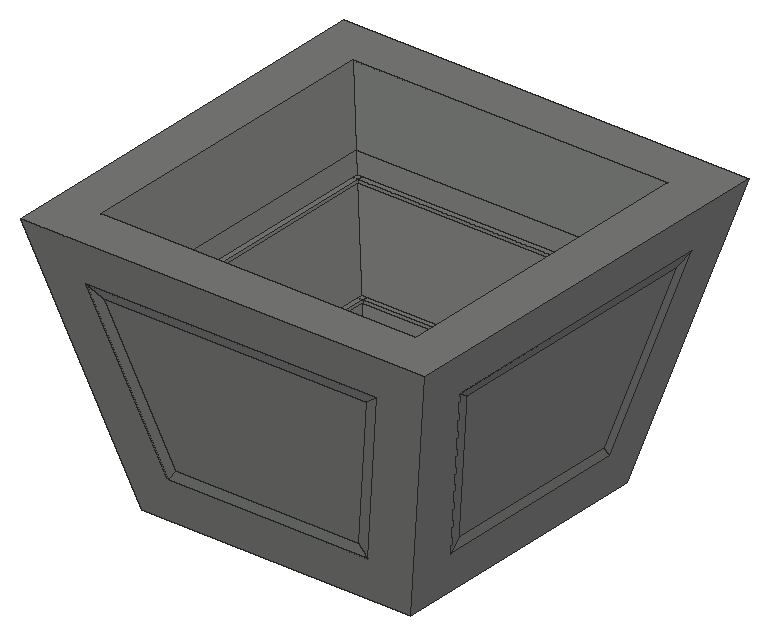
Revit family "Specialty_Equipment-Planter-Planters_Unlimited-Ashville-Tapered-Square-Rectangular", category Specialty Equipment, Revit 2023
Family settings
  Round Connector Dimension = Use Diameter
  Part Type = Normal
  OmniClass Number = 23.40.05.21.17
  OmniClass Title = Planters
  Work Plane-Based = No
  Enable Cutting in Views = Yes
  Always vertical = Yes
  Cut with Voids When Loaded = No
  Maintain Annotation Orientation = No
  Shared = No
  Room Calculation Point = No
Parameters (values of type "Default - Load Type Catalog")
  CD_Opening Offset Width Top = CD_Width / 25  # 0.72"
  CD_Opening Offset Length Top = CD_Length / 25  # 0.72"
  CD_Opening Offset Width Bottom = CD_Width / 28  # 0.64286"
  CD_Opening Offset Length Bottom = CD_Length / 28  # 0.64286"
  Square Planter = not(Rectangle Planter)  # yes
  Rectangle Planter = if(CD_Length / CD_Width = 1, 1 = 0, 1 = 1)  # no
  CD_Width Min = 18"
  CD_Width Max = 48"
  CD_Width = if(CD_Requested Width < CD_Width Min, CD_Width Min, if(CD_Requested Width > CD_Width Max, CD_Width Max, CD_Requested Width))  # 18"
  CD_Stiffener Bottom Width = CD_Width / 1.3  # 13.84615"
  CD_Stiffener Bottom Length = CD_Length / 1.3  # 13.84615"
  CD_Stiffener Top Width = CD_Width / 1.16  # 15.51724"
  CD_Stiffener Top Length = CD_Length / 1.16  # 15.51724"
  CD_Requested Width Bottom = CD_Width / 1.5  # 12"
  CD_Requested Width = 18"
  URL = "https://www.plantersunlimited.com"
  Type Comments = "Rectangular/Square Tapered Planter"  # constant formula
  Model = "Ashville Series Planters"  # constant formula
  Material = Plastic-Fiberglass-Carlsbad-Semi_Gloss-Charcoal
  Manufacturer = "Planters Unlimited"  # constant formula
  CD_Requested Length Bottom = CD_Length / 1.5  # 12"
  CD_Requested Length = 18"
  CD_Requested Height = 12"
  Description = "Modular Planting Bed"  # constant formula
  Default Elevation = 0"
  CD_Specification = ""
  CD_Product Page URL = "https://www.plantersunlimited.com/outdoor-square-planters/"
  CD_Product Name = "Ashville Planter"  # constant formula
  CD_Offset = 3"
  CD_Microsite = ""
  CD_Length Min = 18"
  CD_Length Max = 72"
  CD_Length = if(CD_Requested Length < CD_Length Min, CD_Length Min, if(CD_Requested Length > CD_Length Max, CD_Length Max, CD_Requested Length))  # 18"
  CD_Height Min = 12"
  CD_Height Max = 48"
  CD_Height = if(CD_Requested Height < CD_Height Min, CD_Height Min, if(CD_Requested Height > CD_Height Max, CD_Height Max, CD_Requested Height))  # 12"
  Assembly Code = "G2050600"
Reference planes (in)
  plane 1 "Center (Front/Back)": y = 0
  plane 2 "Bottom": z = 3
  plane 3 "Center (Left/Right)": x = 0
  plane 4 "Back": y = 9
  plane 5 "Front": y = -9
  plane 6 "Left": x = -9
  plane 7 "Right": x = 9
  plane 8 "Top": z = 15
  plane 9 "Top of Pads": z = 3.125
  plane 10: z = 0
  plane 11 "Back Bottom": y = 6
  plane 12 "Front Bottom": y = -6
  plane 13 "Left Bottom": x = -6
  plane 14 "Right Bottom": x = 6
  plane 15 "Top Opening Left": x = -7.25
  plane 16 "Top Opening Right": x = 7.25
  plane 17 "Top Opening Back": y = 7.25
  plane 18 "Top Opening Front": y = -7.25
  plane 19 "Bottom Opening": z = 5.125
  plane 20 "Trim Left": x = -7
  plane 21 "Trim Right": x = 7
  plane 22 "Trim Back": y = 7
  plane 23 "Trim Front": y = -7
  plane 24 "Trim Depth": z = 12
  plane 25 "Stiffener Top": z = 11
  plane 26 "Stiffener Bottom": z = 7
  plane 27 "Left Bottom Opening": x = -4.65084
  plane 28 "Right Bottom Opening": x = 4.65084
  plane 29 "Back Bottom Opening": y = 4.65234
  plane 30 "Front Bottom Opening": y = -4.65234
  plane 31 "Left Stiffener": x = -7.75862
  plane 32 "Right Stiffener": x = 7.75862
  plane 33 "Back Stiffener": y = 7.75862
  plane 34 "Front Stiffener": y = -7.75862
  plane 35 "Bottom Stiffener Left": x = -6.92308
  plane 36 "Bottom Stiffner Right": x = 6.92308
  plane 37 "Botton Stiffener Back": y = 6.92308
  plane 38 "Bottom Stiffener Front": y = -6.92308
  plane 39 "Opening Bottom Left": x = -6.28
  plane 40 "Opening Bottom Right": x = 6.28
  plane 41 "Opening Top Left": x = -6.35714
  plane 42 "Opening Top Right": x = 6.35714
  plane 43 "Opening Top Back": y = 6.28
  plane 44 "Opening Top Front": y = -6.28
  plane 45 "Opening Bottom Back": y = 6.35714
  plane 46 "Opening Bottom Front": y = -6.35714
Forms (in)
  Blend 1, solid, material "Plastic-Fiberglass-Carlsbad-Semi_Gloss-Charcoal" <- "Material", detail levels fine
    base sketch origin (0, 0, 0) x (1, 0, 0) y (0, 1, 0)
      loop
        line (-6, 6) -> (-6, -6) -> (6, -6) -> (6, 6) -> (-6, 6)
    top sketch origin (0, 0, 0) x (1, 0, 0) y (0, 1, 0)
      loop
        line (-9, 9) -> (-9, -9) -> (9, -9) -> (9, 9) -> (-9, 9)
    from 3.125 to 15
  Blend 2, void
    base sketch origin (0, 0.08407, 0) x (1, 0, 0) y (0, 1, 0)
      loop
        line (-4.65084, 4.56828) -> (-4.65084, -4.73641) -> (4.65084, -4.73641) -> (4.65084, 4.56828) -> (-4.65084, 4.56828)
    top sketch origin (0, 0.08407, 0) x (1, 0, 0) y (0, 1, 0)
      loop
        line (-6.35714, 6.27307) -> (-6.35714, -6.44121) -> (6.35714, -6.44121) -> (6.35714, 6.27307) -> (-6.35714, 6.27307)
    from 5.125 to 12
  Blend 3, solid, material "Plastic-Fiberglass-Carlsbad-Semi_Gloss-Charcoal" <- "Material", detail levels medium
    base sketch origin (0, 0, 0) x (1, 0, 0) y (0, 1, 0)
      loop
        line (-6, 6) -> (-6, -6) -> (6, -6) -> (6, 6) -> (-6, 6)
    top sketch origin (0, 0, 0) x (1, 0, 0) y (0, 1, 0)
      loop
        line (-9, 9) -> (-9, -9) -> (9, -9) -> (9, 9) -> (-9, 9)
    from 3 to 15
  Blend 4, solid, material "Plastic-Fiberglass-Carlsbad-Semi_Gloss-Charcoal" <- "Material", detail levels coarse
    base sketch origin (0, 0, 0) x (1, 0, 0) y (0, 1, 0)
      loop
        line (-6, 6) -> (-6, -6) -> (6, -6) -> (6, 6) -> (-6, 6)
    top sketch origin (0, 0, 0) x (1, 0, 0) y (0, 1, 0)
      loop
        line (-9, 9) -> (-9, -9) -> (9, -9) -> (9, 9) -> (-9, 9)
    from 3 to 15
  Blend 5, void, detail levels coarse+medium
    base sketch origin (0, -6, 3) x (-1, 0, 0) y (0, -0.242536, 0.970143)
      loop
        line (6.48443, 10.36932) -> (-6.48443, 10.36932) -> (-4.45457, 2) -> (4.45457, 2) -> (6.48443, 10.36932)
    top sketch origin (0, -6, 3) x (-1, 0, 0) y (0, -0.242536, 0.970143)
      loop
        line (5.84866, 9.86932) -> (-5.84866, 9.86932) -> (-4.06134, 2.5) -> (4.06134, 2.5) -> (5.84866, 9.86932)
    from 0 to 0.08203
  Blend 6, void, detail levels coarse+medium
    base sketch origin (0, 6, 3) x (1, 0, 0) y (0, 0.242536, 0.970143)
      loop
        line (6.4842, 10.36932) -> (-6.4842, 10.36932) -> (-4.45435, 2) -> (4.45435, 2) -> (6.4842, 10.36932)
    top sketch origin (0, 6, 3) x (1, 0, 0) y (0, 0.242536, 0.970143)
      loop
        line (5.84844, 9.86932) -> (-5.84844, 9.86932) -> (-4.06112, 2.5) -> (4.06112, 2.5) -> (5.84844, 9.86932)
    from 0 to 0.08203
  Blend 7, void, detail levels coarse+medium
    base sketch origin (-6, 0, 3) x (0, 1, 0) y (-0.242536, 0, 0.970143)
      loop
        line (4.45435, 2) -> (6.4842, 10.36932) -> (-6.4842, 10.36932) -> (-4.45435, 2) -> (4.45435, 2)
    top sketch origin (-6, 0, 3) x (0, 1, 0) y (-0.242536, 0, 0.970143)
      loop
        line (5.84844, 9.86932) -> (-5.84844, 9.86932) -> (-4.06112, 2.5) -> (4.06112, 2.5) -> (5.84844, 9.86932)
    from 0 to 0.08203
  Blend 8, void, detail levels coarse+medium
    base sketch origin (6, 0, 3) x (0, -1, 0) y (0.242536, 0, 0.970143)
      loop
        line (6.4692, 10.36932) -> (-6.4692, 10.36932) -> (-4.43934, 2) -> (4.43934, 2) -> (6.4692, 10.36932)
    top sketch origin (6, 0, 3) x (0, -1, 0) y (0.242536, 0, 0.970143)
      loop
        line (5.83343, 9.86932) -> (-5.83343, 9.86932) -> (-4.04611, 2.5) -> (4.04611, 2.5) -> (5.83343, 9.86932)
    from 0 to 0.08203
  Blend 9, void, detail levels fine
    base sketch origin (0, 6, 3.125) x (1, 0, 0) y (0, 0.244936, 0.969539)
      loop
        line (6.47907, 10.24809) -> (-6.47907, 10.24809) -> (-4.45881, 2) -> (4.45881, 2) -> (6.47907, 10.24809)
    top sketch origin (0, 6, 3.125) x (1, 0, 0) y (0, 0.244936, 0.969539)
      loop
        line (5.84182, 9.74809) -> (-5.84182, 9.74809) -> (-4.0665, 2.5) -> (4.0665, 2.5) -> (5.84182, 9.74809)
    from 0 to 0.08203
  Blend 10, void, detail levels fine
    base sketch origin (0, -6, 3.125) x (-1, 0, 0) y (0, -0.244936, 0.969539)
      loop
        line (6.47907, 10.24809) -> (-6.47907, 10.24809) -> (-4.45881, 2) -> (4.45881, 2) -> (6.47907, 10.24809)
    top sketch origin (0, -6, 3.125) x (-1, 0, 0) y (0, -0.244936, 0.969539)
      loop
        line (5.84182, 9.74809) -> (-5.84182, 9.74809) -> (-4.0665, 2.5) -> (4.0665, 2.5) -> (5.84182, 9.74809)
    from 0 to 0.08203
  Blend 11, void
    base sketch origin (0, 0.08407, 0) x (1, 0, 0) y (0, 1, 0)
      loop
        line (-6.28, 6.19593) -> (-6.28, -6.36407) -> (6.28, -6.36407) -> (6.28, 6.19593) -> (-6.28, 6.19593)
    top sketch origin (0, 0.08407, 0) x (1, 0, 0) y (0, 1, 0)
      loop
        line (-7, 6.91593) -> (-7, -7.08407) -> (7, -7.08407) -> (7, 6.91593) -> (-7, 6.91593)
    from 12 to 15
  Sweep 12, solid, material "Plastic-Fiberglass-Carlsbad-Semi_Gloss-Charcoal" <- "Material"
    path origin (-18, -180, 11) x (-1, 0, 0) y (0, -1, 0)
      loop
        line (-11.07692, -186) -> (-24.92308, -186)
    profile origin (0, 6, 11) x (0, 1, 0) y (0, 0, 1)
      loop
        line (-0.85762, -3.89883) -> (-1.11323, -3.89883) -> (-1.13832, -4) -> (-0.88271, -4) -> (-0.85762, -3.89883)
  Sweep 13, solid, material "Plastic-Fiberglass-Carlsbad-Semi_Gloss-Charcoal" <- "Material"
    path origin (-18, -180, 11) x (-1, 0, 0) y (0, -1, 0)
      loop
        line (-11.07692, -174) -> (-24.92308, -174)
    profile origin (0, -6, 11) x (0, 1, 0) y (0, 0, 1)
      loop
        line (1.05685, -3.89883) -> (0.85762, -3.89883) -> (0.88271, -4) -> (1.08194, -4) -> (1.05685, -3.89883)
  Sweep 14, solid, material "Plastic-Fiberglass-Carlsbad-Semi_Gloss-Charcoal" <- "Material"
    path origin (-18, -180, 11) x (-1, 0, 0) y (0, -1, 0)
      loop
        line (-24, -173.07692) -> (-24, -186.92308)
    profile origin (6, 0, 11) x (-1, 0, 0) y (0, 0, 1)
      loop
        line (0.8587, -3.89883) -> (0.88381, -4) -> (1.13616, -4) -> (1.11105, -3.89883) -> (0.8587, -3.89883)
  Sweep 15, solid, material "Plastic-Fiberglass-Carlsbad-Semi_Gloss-Charcoal" <- "Material"
    path origin (18, -180, 11) x (1, 0, 0) y (0, 1, 0)
      loop
        line (-24, 173.07692) -> (-24, 186.92308)
    profile origin (-6, 0, 11) x (-1, 0, 0) y (0, 0, 1)
      loop
        line (-0.8587, -3.89883) -> (-1.11105, -3.89883) -> (-1.13616, -4) -> (-0.88381, -4) -> (-0.8587, -3.89883)
  Sweep 16, solid, material "Plastic-Fiberglass-Carlsbad-Semi_Gloss-Charcoal" <- "Material"
    path origin (-18, -180, 11) x (-1, 0, 0) y (0, -1, 0)
      loop
        line (-10.24138, -186) -> (-25.75862, -186)
    profile origin (0, 6, 11) x (0, 1, 0) y (0, 0, 1)
      loop
        line (0.10917, 0) -> (0.14017, 0.125) -> (-0.11625, 0.125) -> (-0.14725, 0) -> (0.10917, 0)
  Sweep 17, solid, material "Plastic-Fiberglass-Carlsbad-Semi_Gloss-Charcoal" <- "Material"
    path origin (-18, -180, 11) x (-1, 0, 0) y (0, -1, 0)
      loop
        line (-10.24138, -174) -> (-25.75862, -174)
    profile origin (0, -6, 11) x (0, 1, 0) y (0, 0, 1)
      loop
        line (-0.14003, 0.12444) -> (-0.10917, 0) -> (0.14725, 0) -> (0.11639, 0.12444) -> (-0.14003, 0.12444)
  Sweep 18, solid, material "Plastic-Fiberglass-Carlsbad-Semi_Gloss-Charcoal" <- "Material"
    path origin (-18, -180, 11) x (-1, 0, 0) y (0, -1, 0)
      loop
        line (-24, -172.24138) -> (-24, -187.75862)
    profile origin (6, 0, 11) x (-1, 0, 0) y (0, 0, 1)
      loop
        line (-0.13998, 0.125) -> (-0.10895, 0) -> (0.14748, 0) -> (0.11646, 0.125) -> (-0.13998, 0.125)
  Sweep 19, solid, material "Plastic-Fiberglass-Carlsbad-Semi_Gloss-Charcoal" <- "Material"
    path origin (18, -180, 11) x (1, 0, 0) y (0, 1, 0)
      loop
        line (-24, 172.24138) -> (-24, 187.75862)
    profile origin (-6, 0, 11) x (-1, 0, 0) y (0, 0, 1)
      loop
        line (0.10895, 0) -> (0.13998, 0.125) -> (-0.1174, 0.125) -> (-0.14843, 0) -> (0.10895, 0)
  Blend 20, void, detail levels fine
    base sketch origin (6, 0, 3.125) x (0, -1, 0) y (0.244936, 0, 0.969539)
      loop
        line (-6.45811, 10.24809) -> (-4.43785, 2) -> (4.43785, 2) -> (6.45811, 10.24809) -> (-6.45811, 10.24809)
    top sketch origin (6, 0, 3.125) x (0, -1, 0) y (0.244936, 0, 0.969539)
      loop
        line (4.04554, 2.5) -> (5.82086, 9.74809) -> (-5.82086, 9.74809) -> (-4.04554, 2.5) -> (4.04554, 2.5)
    from 0 to 0.08203
  Blend 21, void, detail levels fine
    base sketch origin (-6, 0, 3.125) x (0, 1, 0) y (-0.244936, 0, 0.969539)
      loop
        line (-4.43075, 2) -> (4.45767, 2) -> (6.47792, 10.24809) -> (-6.45101, 10.24809) -> (-4.43075, 2)
    top sketch origin (-6, 0, 3.125) x (0, 1, 0) y (-0.244936, 0, 0.969539)
      loop
        line (4.06536, 2.5) -> (5.84067, 9.74809) -> (-5.81376, 9.74809) -> (-4.03844, 2.5) -> (4.06536, 2.5)
    from 0 to 0.08203
  Extrusion 22, solid, material "Plastic-Fiberglass-Carlsbad-Semi_Gloss-Charcoal" <- "Material", detail levels fine
    sketch origin (-18, -180, 11) x (-1, 0, 0) y (0, -1, 0)
      loop
        line (-13, -185) -> (-13, -182) -> (-16, -182) -> (-16, -185) -> (-13, -185)
      loop
        line (-23, -185) -> (-20, -185) -> (-20, -182) -> (-23, -182) -> (-23, -185)
      loop
        line (-13, -175) -> (-16, -175) -> (-16, -178) -> (-13, -178) -> (-13, -175)
      loop
        line (-23, -175) -> (-23, -178) -> (-20, -178) -> (-20, -175) -> (-23, -175)
    from -8 to -7.875
Cuts and joins
  Blend 2, Blend 9, Blend 10, Blend 11, Blend 20, Blend 21 cuts Blend 1
  Blend 2, Blend 5, Blend 6, Blend 7, Blend 8, Blend 11 cuts Blend 3
  Blend 2, Blend 11 cuts Blend 4
Dimensions and locks (in)
  equal spacing: plane 6 "Left", plane 3 "Center (Left/Right)", plane 7 "Right"
  "CD_Length": plane 6 "Left" to plane 7 "Right"
  equal spacing: plane 4 "Back", plane 1 "Center (Front/Back)", plane 5 "Front"
  "CD_Width": plane 5 "Front" to plane 4 "Back"
  equal spacing: plane 13 "Left Bottom", plane 3 "Center (Left/Right)", plane 14 "Right Bottom"
  equal spacing: plane 11 "Back Bottom", plane 1 "Center (Front/Back)", plane 12 "Front Bottom"
  "CD_Requested Length Bottom": plane 13 "Left Bottom" to plane 14 "Right Bottom"
  "CD_Requested Width Bottom": plane 11 "Back Bottom" to plane 12 "Front Bottom"
  locked: plane 4 "Back" to plane 17 "Top Opening Back" at 1.75
  locked: plane 5 "Front" to plane 18 "Top Opening Front" at 1.75
  locked: plane 6 "Left" to plane 15 "Top Opening Left" at 1.75
  locked: plane 16 "Top Opening Right" to plane 7 "Right" at 1.75
  locked: plane 19 "Bottom Opening" to plane 9 "Top of Pads" at 2
  locked: plane 6 "Left" to plane 20 "Trim Left" at 2
  locked: plane 21 "Trim Right" to plane 7 "Right" at 2
  locked: plane 4 "Back" to plane 22 "Trim Back" at 2
  locked: plane 5 "Front" to plane 23 "Trim Front" at 2
  locked: plane 8 "Top" to plane 24 "Trim Depth" at 3
  locked: plane 9 "Top of Pads" to plane 2 "Bottom" at 0.125
  "CD_Offset": plane 2 "Bottom" to level
  "CD_Height": plane 8 "Top" to plane 2 "Bottom"
  equal spacing: plane 8 "Top", plane 25 "Stiffener Top", plane 26 "Stiffener Bottom", plane 2 "Bottom"
  locked: plane 13 "Left Bottom" to plane 27 "Left Bottom Opening" at 1.34916
  locked: plane 28 "Right Bottom Opening" to plane 14 "Right Bottom" at 1.34916
  locked: plane 11 "Back Bottom" to plane 29 "Back Bottom Opening" at 1.34766
  locked: plane 12 "Front Bottom" to plane 30 "Front Bottom Opening" at 1.34766
  plane 4 "Back" to plane 22 "Trim Back" = 2"
  equal spacing: plane 31 "Left Stiffener", plane 3 "Center (Left/Right)", plane 32 "Right Stiffener"
  "CD_Stiffener Top Length": plane 31 "Left Stiffener" to plane 32 "Right Stiffener"
  equal spacing: plane 34 "Front Stiffener", plane 1 "Center (Front/Back)", plane 33 "Back Stiffener"
  "CD_Stiffener Top Width": plane 33 "Back Stiffener" to plane 34 "Front Stiffener"
  equal spacing: plane 35 "Bottom Stiffener Left", plane 3 "Center (Left/Right)", plane 36 "Bottom Stiffner Right"
  "CD_Stiffener Bottom Length": plane 35 "Bottom Stiffener Left" to plane 36 "Bottom Stiffner Right"
  equal spacing: plane 38 "Bottom Stiffener Front", plane 1 "Center (Front/Back)", plane 37 "Botton Stiffener Back"
  "CD_Stiffener Bottom Width": plane 38 "Bottom Stiffener Front" to plane 37 "Botton Stiffener Back"
  locked: cut or joined group of Blend 2, Blend 3, Blend 5, Blend 6, Blend 7, Blend 8, Blend 11 to Blend 5 sketch curve at 2  (x2)
  locked: Blend 5 sketch curve to cut or joined group of Blend 2, Blend 3, Blend 5, Blend 6, Blend 7, Blend 8, Blend 11 at 1.97329
  locked: cut or joined group of Blend 2, Blend 3, Blend 5, Blend 6, Blend 7, Blend 8, Blend 11 to Blend 5 sketch curve at 1.97329
  locked: var sketch to Blend 5 sketch curve at 0.5  (x4)
  locked: Blend 6 sketch curve to cut or joined group of Blend 2, Blend 3, Blend 5, Blend 6, Blend 7, Blend 8, Blend 11 at 1.97351  (x2)
  locked: cut or joined group of Blend 2, Blend 3, Blend 5, Blend 6, Blend 7, Blend 8, Blend 11 to Blend 6 sketch curve at 2  (x2)
  locked: var sketch to Blend 6 sketch curve at 0.5  (x4)
  locked: cut or joined group of Blend 2, Blend 3, Blend 5, Blend 6, Blend 7, Blend 8, Blend 11 to Blend 7 sketch curve at 1.97351
  locked: Blend 7 sketch curve to cut or joined group of Blend 2, Blend 3, Blend 5, Blend 6, Blend 7, Blend 8, Blend 11 at 1.97351
  locked: cut or joined group of Blend 2, Blend 3, Blend 5, Blend 6, Blend 7, Blend 8, Blend 11 to Blend 7 sketch curve at 2
  locked: Blend 7 sketch curve to cut or joined group of Blend 2, Blend 3, Blend 5, Blend 6, Blend 7, Blend 8, Blend 11 at 2
  locked: var sketch to Blend 7 sketch curve at 0.5  (x3)
  locked: Blend 7 sketch curve to var sketch at 0.5
  locked: cut or joined group of Blend 2, Blend 3, Blend 5, Blend 6, Blend 7, Blend 8, Blend 11 to Blend 8 sketch curve at 1.9881  (x2)
  locked: Blend 8 sketch curve to cut or joined group of Blend 2, Blend 3, Blend 5, Blend 6, Blend 7, Blend 8, Blend 11 at 2
  locked: cut or joined group of Blend 2, Blend 3, Blend 5, Blend 6, Blend 7, Blend 8, Blend 11 to Blend 8 sketch curve at 2
  locked: var sketch to Blend 8 sketch curve at 0.5  (x3)
  locked: Blend 8 sketch curve to var sketch at 0.5
  locked: Blend 9 sketch curve to cut or joined group of Blend 1, Blend 2, Blend 9, Blend 10, Blend 11, Blend 20, Blend 21 at 1.97275  (x2)
  locked: cut or joined group of Blend 1, Blend 2, Blend 9, Blend 10, Blend 11, Blend 20, Blend 21 to Blend 9 sketch curve at 2  (x2)
  locked: var sketch to Blend 9 sketch curve at 0.5  (x4)
  locked: cut or joined group of Blend 1, Blend 2, Blend 9, Blend 10, Blend 11, Blend 20, Blend 21 to Blend 10 sketch curve at 1.97275
  locked: Blend 10 sketch curve to cut or joined group of Blend 1, Blend 2, Blend 9, Blend 10, Blend 11, Blend 20, Blend 21 at 1.97275
  locked: cut or joined group of Blend 1, Blend 2, Blend 9, Blend 10, Blend 11, Blend 20, Blend 21 to Blend 10 sketch curve at 2  (x2)
  locked: var sketch to Blend 10 sketch curve at 0.5  (x4)
  "CD_Opening Offset Length Top": plane 20 "Trim Left" to plane 39 "Opening Bottom Left"
  "CD_Opening Offset Length Top": plane 21 "Trim Right" to plane 40 "Opening Bottom Right"
  "CD_Opening Offset Length Bottom": plane 20 "Trim Left" to plane 41 "Opening Top Left"
  "CD_Opening Offset Length Bottom": plane 21 "Trim Right" to plane 42 "Opening Top Right"
  locked: Sweep 12 sketch curve to Sweep 12 sketch curve at 0.2481
  locked: Sweep 12 sketch curve to Sweep 12 sketch curve at 0.10117
  "CD_Opening Offset Width Top": plane 22 "Trim Back" to plane 43 "Opening Top Back"
  "CD_Opening Offset Width Top": plane 44 "Opening Top Front" to plane 23 "Trim Front"
  "CD_Opening Offset Width Bottom": plane 22 "Trim Back" to plane 45 "Opening Bottom Back"
  "CD_Opening Offset Width Bottom": plane 46 "Opening Bottom Front" to plane 23 "Trim Front"
  locked: Sweep 13 sketch curve to Sweep 13 sketch curve at 0.19337
  locked: Sweep 13 sketch curve to Sweep 13 sketch curve at 0.10117
  locked: Sweep 14 sketch curve to Sweep 14 sketch curve at 0.24492
  locked: Sweep 14 sketch curve to Sweep 14 sketch curve at 0.10117
  locked: Sweep 15 sketch curve to Sweep 15 sketch curve at 0.10117
  locked: Sweep 15 sketch curve to Sweep 15 sketch curve at 0.24492
  locked: Sweep 16 sketch curve to Sweep 16 sketch curve at 0.24889
  locked: Sweep 17 sketch curve to Sweep 17 sketch curve at 0.12444
  locked: Sweep 17 sketch curve to Sweep 17 sketch curve at 0.24889
  locked: Sweep 16 sketch curve to Sweep 16 sketch curve at 0.125
  locked: Sweep 18 sketch curve to Sweep 18 sketch curve at 0.24888
  locked: Sweep 18 sketch curve to Sweep 18 sketch curve at 0.125
  locked: Sweep 19 sketch curve to Sweep 19 sketch curve at 0.2498
  locked: Sweep 19 sketch curve to Sweep 19 sketch curve at 0.125
  locked: cut or joined group of Blend 1, Blend 2, Blend 9, Blend 10, Blend 11, Blend 20, Blend 21 to Blend 20 sketch curve at 1.9931  (x2)
  locked: Blend 20 sketch curve to cut or joined group of Blend 1, Blend 2, Blend 9, Blend 10, Blend 11, Blend 20, Blend 21 at 2
  locked: cut or joined group of Blend 1, Blend 2, Blend 9, Blend 10, Blend 11, Blend 20, Blend 21 to Blend 20 sketch curve at 2
  locked: var sketch to Blend 20 sketch curve at 0.5  (x3)
  locked: Blend 20 sketch curve to var sketch at 0.5
  locked: cut or joined group of Blend 1, Blend 2, Blend 9, Blend 10, Blend 11, Blend 20, Blend 21 to Blend 21 sketch curve at 1.97386
  locked: Blend 21 sketch curve to cut or joined group of Blend 1, Blend 2, Blend 9, Blend 10, Blend 11, Blend 20, Blend 21 at 2  (x2)
  locked: cut or joined group of Blend 1, Blend 2, Blend 9, Blend 10, Blend 11, Blend 20, Blend 21 to Blend 21 sketch curve at 2
  locked: var sketch to Blend 21 sketch curve at 0.5  (x3)
  locked: Blend 21 sketch curve to var sketch at 0.5
  locked: Extrusion 22 sketch curve to Extrusion 22 sketch curve at 3  (x8)
  locked: plane 13 "Left Bottom" to Extrusion 22 sketch curve at 1  (x2)
  locked: Extrusion 22 sketch curve to plane 14 "Right Bottom" at 1  (x2)
  locked: Extrusion 22 sketch curve to plane 11 "Back Bottom" at 1
  locked: plane 12 "Front Bottom" to Extrusion 22 sketch curve at 1
  aligned and locked: Blend 1 sketch curve to plane 11 "Back Bottom"
  aligned and locked: plane 13 "Left Bottom" to Blend 1 sketch curve
  aligned and locked: Blend 1 sketch curve to plane 12 "Front Bottom"
  aligned and locked: plane 14 "Right Bottom" to Blend 1 sketch curve
  aligned and locked: Blend 1 sketch curve to plane 4 "Back"
  aligned and locked: plane 6 "Left" to Blend 1 sketch curve
  aligned and locked: Blend 1 sketch curve to plane 5 "Front"
  aligned and locked: plane 7 "Right" to Blend 1 sketch curve
  aligned and locked: plane 8 "Top" to Blend 1
  aligned and locked: Blend 1 to plane 9 "Top of Pads"
  aligned and locked: Blend 2 to plane 19 "Bottom Opening"
  aligned and locked: plane 27 "Left Bottom Opening" to Blend 2 sketch curve
  aligned and locked: plane 28 "Right Bottom Opening" to Blend 2 sketch curve
  aligned and locked: Blend 2 sketch curve to plane 30 "Front Bottom Opening"
  aligned and locked: Blend 2 sketch curve to plane 29 "Back Bottom Opening"
  aligned and locked: plane 8 "Top" to Blend 3
  aligned and locked: Blend 3 to plane 2 "Bottom"
  aligned and locked: plane 14 "Right Bottom" to Blend 3 sketch curve
  aligned and locked: Blend 3 sketch curve to plane 11 "Back Bottom"
  aligned and locked: plane 13 "Left Bottom" to Blend 3 sketch curve
  aligned and locked: Blend 3 sketch curve to plane 12 "Front Bottom"
  aligned and locked: plane 7 "Right" to Blend 3 sketch curve
  aligned and locked: Blend 3 sketch curve to plane 4 "Back"
  aligned and locked: plane 6 "Left" to Blend 3 sketch curve
  aligned and locked: Blend 3 sketch curve to plane 5 "Front"
  aligned and locked: Blend 4 to plane 2 "Bottom"
  aligned and locked: plane 8 "Top" to Blend 4
  aligned and locked: plane 14 "Right Bottom" to Blend 4 sketch curve
  aligned and locked: Blend 4 sketch curve to plane 11 "Back Bottom"
  aligned and locked: plane 13 "Left Bottom" to Blend 4 sketch curve
  aligned and locked: Blend 4 sketch curve to plane 12 "Front Bottom"
  aligned and locked: plane 7 "Right" to Blend 4 sketch curve
  aligned and locked: Blend 4 sketch curve to plane 4 "Back"
  aligned and locked: plane 6 "Left" to Blend 4 sketch curve
  aligned and locked: Blend 4 sketch curve to plane 5 "Front"
  aligned and locked: plane 24 "Trim Depth" to Blend 2
  aligned and locked: plane 8 "Top" to Blend 11
  aligned and locked: Blend 11 to Blend 2
  aligned and locked: Blend 11 sketch curve to plane 39 "Opening Bottom Left"
  aligned and locked: Blend 11 sketch curve to plane 40 "Opening Bottom Right"
  aligned and locked: plane 20 "Trim Left" to Blend 11 sketch curve
  aligned and locked: plane 21 "Trim Right" to Blend 11 sketch curve
  aligned and locked: Blend 2 sketch curve to plane 41 "Opening Top Left"
  aligned and locked: Blend 2 sketch curve to plane 42 "Opening Top Right"
  aligned and locked: plane 36 "Bottom Stiffner Right" to Sweep 12 sketch curve
  aligned and locked: plane 35 "Bottom Stiffener Left" to Sweep 12 sketch curve
  aligned and locked: cut or joined group of Blend 2, Blend 3, Blend 5, Blend 6, Blend 7, Blend 8, Blend 11 to Sweep 12 sketch curve
  aligned and locked: Sweep 12 sketch curve to plane 26 "Stiffener Bottom"
  aligned and locked: Blend 11 sketch curve to plane 44 "Opening Top Front"
  aligned and locked: Blend 11 sketch curve to plane 43 "Opening Top Back"
  aligned and locked: Blend 11 sketch curve to plane 23 "Trim Front"
  aligned and locked: Blend 11 sketch curve to plane 22 "Trim Back"
  aligned and locked: Blend 2 sketch curve to plane 46 "Opening Bottom Front"
  aligned and locked: Blend 2 sketch curve to plane 45 "Opening Bottom Back"
  aligned and locked: Sweep 13 sketch curve to plane 35 "Bottom Stiffener Left"
  aligned and locked: plane 36 "Bottom Stiffner Right" to Sweep 13 sketch curve
  aligned and locked: plane 26 "Stiffener Bottom" to Sweep 13 sketch curve
  aligned and locked: Sweep 13 sketch curve to cut or joined group of Blend 2, Blend 3, Blend 5, Blend 6, Blend 7, Blend 8, Blend 11
  aligned and locked: Sweep 14 sketch curve to plane 37 "Botton Stiffener Back"
  aligned and locked: plane 38 "Bottom Stiffener Front" to Sweep 14 sketch curve
  aligned and locked: Sweep 14 sketch curve to cut or joined group of Blend 2, Blend 3, Blend 5, Blend 6, Blend 7, Blend 8, Blend 11
  aligned and locked: plane 26 "Stiffener Bottom" to Sweep 14 sketch curve
  aligned and locked: plane 37 "Botton Stiffener Back" to Sweep 15 sketch curve
  aligned and locked: plane 38 "Bottom Stiffener Front" to Sweep 15 sketch curve
  aligned and locked: cut or joined group of Blend 2, Blend 3, Blend 5, Blend 6, Blend 7, Blend 8, Blend 11 to Sweep 15 sketch curve
  aligned and locked: Sweep 15 sketch curve to plane 26 "Stiffener Bottom"
  aligned and locked: plane 31 "Left Stiffener" to Sweep 16 sketch curve
  aligned and locked: plane 32 "Right Stiffener" to Sweep 16 sketch curve
  aligned and locked: Sweep 16 sketch curve to cut or joined group of Blend 2, Blend 3, Blend 5, Blend 6, Blend 7, Blend 8, Blend 11
  aligned and locked: Sweep 16 sketch curve to plane 25 "Stiffener Top"
  aligned and locked: Sweep 17 sketch curve to plane 31 "Left Stiffener"
  aligned and locked: plane 32 "Right Stiffener" to Sweep 17 sketch curve
  aligned and locked: cut or joined group of Blend 2, Blend 3, Blend 5, Blend 6, Blend 7, Blend 8, Blend 11 to Sweep 17 sketch curve
  aligned and locked: profile plane to Sweep 17 sketch curve
  aligned and locked: Sweep 18 sketch curve to plane 33 "Back Stiffener"
  aligned and locked: plane 34 "Front Stiffener" to Sweep 18 sketch curve
  aligned and locked: cut or joined group of Blend 2, Blend 3, Blend 5, Blend 6, Blend 7, Blend 8, Blend 11 to Sweep 18 sketch curve
  aligned and locked: plane 25 "Stiffener Top" to Sweep 18 sketch curve
  aligned and locked: plane 33 "Back Stiffener" to Sweep 19 sketch curve
  aligned and locked: plane 34 "Front Stiffener" to Sweep 19 sketch curve
  aligned and locked: Sweep 19 sketch curve to cut or joined group of Blend 2, Blend 3, Blend 5, Blend 6, Blend 7, Blend 8, Blend 11
  aligned and locked: Sweep 19 sketch curve to profile plane
  aligned and locked: plane 9 "Top of Pads" to Extrusion 22
  aligned and locked: Extrusion 22 to plane 2 "Bottom"
  aligned and locked: Extrusion 22 sketch curve to Extrusion 22 sketch curve  (x2)
Automatic sketch dimensions
  Sweep 12 sketch curve to plane 11 "Back Bottom" = 0"
  plane 12 "Front Bottom" to Sweep 13 sketch curve = 0"
  Sweep 14 sketch curve to plane 14 "Right Bottom" = 0"
  Sweep 15 sketch curve to plane 13 "Left Bottom" = 0"
  Sweep 16 sketch curve to plane 11 "Back Bottom" = 0"
  plane 12 "Front Bottom" to Sweep 17 sketch curve = 0"
  Sweep 18 sketch curve to plane 14 "Right Bottom" = 0"
  Sweep 19 sketch curve to plane 13 "Left Bottom" = 0"
